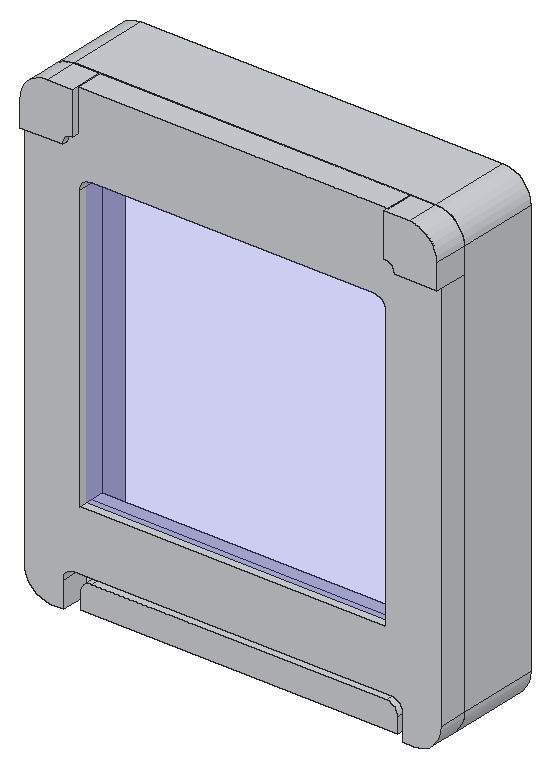
Revit family "Domotics-DomesticRanges-GEWISS-27COMBIIN_SYSTEM-IP55_WATERTIGHT_2M", category Apparecchi elettrici, Revit 2016
Family settings
  Mantenere orientamento annotazione = No
  Tipo di parte = Normale
  Quota connettore circolare = Usa diametro
  Numero OmniClass = 23.80.30.14.24
  Titolo OmniClass = Junction Boxes
  Basato su piano di lavoro = No
  Sempre verticale = Sì
  Taglio con vuoti quando caricato = No
  Condiviso = No
  Punto di calcolo locali = No
Parameters (values of type "GW27401 - System 2 gang watertight cover")
  Vetro Sportello = Vetro
  Version file RFA = "19.4"
  URL = "https://www.gewiss.com/ww/en"
  Torque screws tightening = "0,8NM"
  Thermo-pressure with ball = "70 °C"
  Technical sheet = "https://www.gewiss.com/ww/en/search?q=GW27401"
  Suitable for = "2 SYSTEM modules"
  Standard; = "EN 60669-1"
  Standard = "EN 60669-1"
  Shock resistance = "IK07"
  SEO = "Cap"
  Realized by GEWISS S.p.A. = ""
  Profondità = 20 mm
  Produttore = "GEWISS S.p.A."
  No. SYSTEM modules = "2"
  Modello = "GW27401"
  Lunghezza = 85 mm
  Lid screws = "Stainless steel"
  Larghezza = 75 mm
  Insulation class = "II"
  Installation temperature = "-25 +60 °C"
  Immagine tipo = GW27401.jpg
  IP degree = "IP55"
  IFC.TypeObject = ""
  IFC.ExportType = ""
  IFC.ExportAs = ""
  IDT = "01007444-aaaf-43a2-be93-58eade9c0c9a"
  IDF = "34a4a570-8e99-4831-a890-147d7284a0c3"
  Glow Wire Test = "650°C"
  Finitura = none
  Electrocod = "0110"
  EAN code = "8011564055605"
  Door type = "With membrane"
  Door colour: = "Transparent"
  Dimensions LxH (mm) = "75x85"
  Descrizione = "SYSTEM 2 GANG WATERTIGHT COVER"
  Colour = "Grey RAL 7035"
  Characteristics = "Halogen free"
  Catalogue Range = "27COMBI"
  Catalogue = "DOMOTICS"
  COBie.Tagnumber = ""
  COBie.CreatedOn = ""
  COBie.CreatebBy = ""
  COBie.ComponentRegisterItemID = ""
  COBie.Component.TagNumber = ""
  COBie.Component.Space = ""
  COBie.Component.SerialNumber = ""
  COBie.Component.InstallationDate = ""
  COBie.Component.Description = ""
  COBie.Component.BarCode = ""
  Altezza da terra = 850 mm
Types (2, lengths in mm): name | URL | Produttore | Modello | Descrizione
  (no name) | 0 | 0 | 0 | 0
  GW27401 - System 2 gang watertight cover | "https://www.gewiss.com/ww/en" | "GEWISS S.p.A." | "GW27401" | "SYSTEM 2 GANG WATERTIGHT COVER"
Values of the unnamed type that differ from the named types
  Version file RFA = ""
  Torque screws tightening = ""
  Thermo-pressure with ball = ""
  Technical sheet = ""
  Suitable for = ""
  Standard; = ""
  Standard = ""
  Shock resistance = ""
  SEO = ""
  No. SYSTEM modules = ""
  Lid screws = ""
  Insulation class = ""
  Installation temperature = ""
  IP degree = ""
  IDT = ""
  IDF = ""
  Glow Wire Test = ""
  Electrocod = ""
  EAN code = ""
  Door type = ""
  Door colour: = ""
  Dimensions LxH (mm) = ""
  Colour = ""
  Characteristics = ""
  Catalogue Range = ""
  Catalogue = ""
Reference planes
  plane 1 "Centro (Fronte/Retro)": y = 0
  plane 2: z = 0
  plane 3 "Centro (Sinistra/Destra)": x = 0
  plane 4: z = 850
  plane 5: x = -37.5
  plane 6: x = 37.5
  plane 7: z = 935
  plane 8: y = 20
  plane 9 "Lato Posteriore Sportello": y = 5
  plane 10: x = -27.5
  plane 11: x = 27.5
  plane 12: z = 867.5
  plane 13 "Lato Interno Vetro": y = 2.5
  plane 14: y = 1.396
  plane 15: y = -1
Forms (mm)
  Extrusion 1, solid, material <- "Finitura"
    sketch origin (0, 5, 0) x (0, 0, 1) y (1, 0, 0)
      loop
        line (935, -32.5) -> (935, 32.5)
        arc (935, 32.5) -> (933.536, 36.036) -> (930, 37.5) r 5
        line (930, 37.5) -> (855, 37.5)
        arc (855, 37.5) -> (851.464, 36.036) -> (850, 32.5) r 5
        line (850, 32.5) -> (850, -32.5)
        arc (850, -32.5) -> (851.464, -36.036) -> (855, -37.5) r 5
        line (855, -37.5) -> (930, -37.5)
        arc (930, -37.5) -> (933.536, -36.036) -> (935, -32.5) r 5
      loop
        line (855, -35.5) -> (930, -35.5)
        arc (930, -35.5) -> (932.121, -34.621) -> (933, -32.5) r 3
        line (933, -32.5) -> (933, 32.5)
        arc (933, 32.5) -> (932.121, 34.621) -> (930, 35.5) r 3
        line (930, 35.5) -> (855, 35.5)
        arc (855, 35.5) -> (852.879, 34.621) -> (852, 32.5) r 3
        line (852, 32.5) -> (852, -32.5)
        arc (852, -32.5) -> (852.879, -34.621) -> (855, -35.5) r 3
    from 0 to 15
  Extrusion 2, solid
    sketch origin (0, 5, 0) x (0, 0, 1) y (1, 0, 0)
      loop
        line (935, -27.914) -> (935, 27.914) -> (927.415, 27.914)
        arc (927.415, 27.914) -> (926.861, 29.251) -> (925.525, 29.804) r 1.89
        line (925.525, 29.804) -> (925.525, 37.5) -> (855, 37.5)
        arc (855, 37.5) -> (851.464, 36.036) -> (850, 32.5) r 5
        line (850, 32.5) -> (850, 30.496) -> (854.753, 30.496)
        arc (854.753, 30.496) -> (856.167, 29.91) -> (856.753, 28.496) r 2
        line (856.753, 28.496) -> (856.753, -28.496)
        arc (856.753, -28.496) -> (856.167, -29.91) -> (854.753, -30.496) r 2
        line (854.753, -30.496) -> (850, -30.496) -> (850, -32.5)
        arc (850, -32.5) -> (851.464, -36.036) -> (855, -37.5) r 5
        line (855, -37.5) -> (925.525, -37.5) -> (925.525, -29.804)
        arc (925.525, -29.804) -> (926.861, -29.251) -> (927.415, -27.914) r 1.89
        line (927.415, -27.914) -> (935, -27.914)
      loop
        line (920.5, -25.5) -> (920.5, 25.5)
        arc (920.5, 25.5) -> (919.914, 26.914) -> (918.5, 27.5) r 2
        line (918.5, 27.5) -> (867.5, 27.5) -> (867.5, -27.5) -> (918.5, -27.5)
        arc (918.5, -27.5) -> (919.914, -26.914) -> (920.5, -25.5) r 2
    from 0 to -5
  Extrusion 3, solid, material <- "Finitura"
    sketch origin (0, 5, 0) x (0, 0, 1) y (1, 0, 0)
      loop
        line (850, -28.496) -> (852.753, -28.496)
        arc (852.753, -28.496) -> (854.167, -27.91) -> (854.753, -26.496) r 2
        line (854.753, -26.496) -> (854.753, 26.496)
        arc (854.753, 26.496) -> (854.167, 27.91) -> (852.753, 28.496) r 2
        line (852.753, 28.496) -> (850, 28.496) -> (850, -28.496)
    from 0 to -3.604
  Extrusion 4, solid, material "Vetro" <- "Vetro Sportello"
    sketch origin (0, 2.5, 0) x (0, 0, 1) y (1, 0, 0)
      loop
        line (920.5, -25.5) -> (920.5, 25.5)
        arc (920.5, 25.5) -> (919.914, 26.914) -> (918.5, 27.5) r 2
        line (918.5, 27.5) -> (867.5, 27.5) -> (867.5, -27.5) -> (918.5, -27.5)
        arc (918.5, -27.5) -> (919.914, -26.914) -> (920.5, -25.5) r 2
    from 0 to -1.104
  Extrusion 5, solid, material <- "Finitura"
    sketch origin (0, 5, 0) x (0, 0, 1) y (1, 0, 0)
      loop
        line (935, -32.5) -> (935, -27.914) -> (927.415, -27.914)
        arc (927.415, -27.914) -> (926.861, -29.251) -> (925.525, -29.804) r 1.89
        line (925.525, -29.804) -> (925.525, -37.5) -> (930, -37.5)
        arc (930, -37.5) -> (933.536, -36.036) -> (935, -32.5) r 5
    from 0 to -6
  Extrusion 6, solid, material <- "Finitura"
    sketch origin (0, 5, 0) x (0, 0, 1) y (1, 0, 0)
      loop
        line (935, 27.914) -> (935, 32.5)
        arc (935, 32.5) -> (933.536, 36.036) -> (930, 37.5) r 5
        line (930, 37.5) -> (925.525, 37.5) -> (925.525, 29.804)
        arc (925.525, 29.804) -> (926.861, 29.251) -> (927.415, 27.914) r 1.89
        line (927.415, 27.914) -> (935, 27.914)
    from 0 to -6
Lines and regions (mm)
  model lines
    curve 1: arc (-25.5, 0, 920.5) -> (-26.914, 0, 919.914) -> (-27.5, 0, 918.5) r 2
    curve 2: arc (27.5, 0, 918.5) -> (26.914, 0, 919.914) -> (25.5, 0, 920.5) r 2
    curve 5: arc (-27.914, 0, 927.415) -> (-29.251, 0, 926.861) -> (-29.804, 0, 925.525) r 1.89
    curve 6: arc (29.804, 0, 925.525) -> (29.251, 0, 926.861) -> (27.914, 0, 927.415) r 1.89
    curve 7: line (32.5, 0, 850) -> (-32.5, 0, 850)
    curve 8: line (27.5, 0, 918.5) -> (27.5, 0, 867.5)
    curve 9: line (27.5, 0, 867.5) -> (-27.5, 0, 867.5)
    curve 10: line (-27.5, 0, 867.5) -> (-27.5, 0, 918.5)
    curve 11: line (-25.5, 0, 920.5) -> (25.5, 0, 920.5)
    curve 16: line (-37.5, 0, 925.525) -> (-29.804, 0, 925.525)
    curve 17: line (-27.914, 0, 935) -> (-27.914, 0, 927.415)
    curve 19: line (27.914, 0, 927.415) -> (27.914, 0, 935)
    curve 20: line (37.5, 0, 925.525) -> (29.804, 0, 925.525)
  model lines, detail levels medium+fine
    curve 3: circle (-32.5, 0, 930) r 2 normal (0, -1, 0)
    curve 4: circle (32.5, 0, 930) r 2 normal (0, -1, 0)
    curve 18: line (-27.914, 0, 927.415) -> (27.914, 0, 927.415)
  model lines, detail levels fine
    curve 12: line (-34.412, 0, 929.413) -> (-31.2, 0, 931.52)
    curve 13: line (-33.972, 0, 928.646) -> (-30.672, 0, 930.81)
    curve 14: line (34.412, 0, 929.413) -> (31.2, 0, 931.52)
    curve 15: line (33.972, 0, 928.646) -> (30.672, 0, 930.81)
Dimensions and locks
  "Lunghezza": plane 7 to plane 4
  equal spacing: plane 6, plane 3 "Centro (Sinistra/Destra)", plane 5
  "Larghezza": plane 6 to plane 5
  "Altezza da terra": plane 4 to level
  "Profondità": plane 1 "Centro (Fronte/Retro)" to plane 8
  locked: plane 1 "Centro (Fronte/Retro)" to plane 9 "Lato Posteriore Sportello" at 5
  locked: plane 11 to plane 6 at 10
  locked: plane 10 to plane 5 at 10
  locked: plane 12 to plane 4 at 17.5
  locked: plane 14 to plane 13 "Lato Interno Vetro" at 1.104
  plane 15 to plane 1 "Centro (Fronte/Retro)" = 1 mm
  aligned and locked: level to plane 2
  aligned and locked: plane 10 to curve 10
  aligned and locked: plane 11 to curve 8
  aligned and locked: plane 8 to Extrusion 1
  aligned and locked: plane 5 to Extrusion 2 sketch curve
  aligned and locked: plane 6 to Extrusion 2 sketch curve
  aligned and locked: Extrusion 2 sketch curve to plane 7
  aligned and locked: plane 4 to Extrusion 2 sketch curve  (x2)
  aligned and locked: plane 1 "Centro (Fronte/Retro)" to Extrusion 2
  aligned and locked: Extrusion 3 to plane 14
  aligned and locked: plane 10 to Extrusion 4 sketch curve
  aligned and locked: plane 11 to Extrusion 4 sketch curve
  aligned and locked: plane 12 to Extrusion 4 sketch curve
  aligned and locked: Extrusion 4 to plane 14
  aligned and locked: plane 10 to Extrusion 2 sketch curve
  aligned and locked: plane 12 to Extrusion 2 sketch curve
  aligned and locked: plane 11 to Extrusion 2 sketch curve
  aligned and locked: Extrusion 5 sketch curve to plane 7
  aligned and locked: Extrusion 5 to plane 15
  aligned and locked: Extrusion 6 sketch curve to plane 7
  aligned and locked: plane 6 to Extrusion 6 sketch curve
  aligned and locked: Extrusion 6 to plane 15
Automatic sketch dimensions
  curve 7 to plane 4 = 0 mm
  curve 5 to curve 5 = 1.89 mm
  curve 5 to curve 10 = 0.414 mm
  curve 1 to curve 1 = 2 mm
  plane 6 to curve 11 = 12 mm
  curve 11 to curve 19 = 2.414 mm
  curve 6 to curve 20 = 1.89 mm
  curve 11 to curve 5 = 5.025 mm
  curve 12 to curve 13 = 0.44 mm
  curve 12 to plane 7 = 3.48 mm
  curve 3 to curve 12 = 1.3 mm
  curve 13 to plane 7 = 4.19 mm
  curve 14 to plane 7 = 3.48 mm
  curve 15 to curve 14 = 0.528 mm
  curve 15 to curve 14 = 0.44 mm
  Extrusion 1 sketch curve to Extrusion 1 sketch curve = 0 mm  (x7)
  Extrusion 1 sketch curve to plane 4 = 0 mm
  plane 6 to Extrusion 1 sketch curve = 0 mm
  Extrusion 1 sketch curve to plane 5 = 0 mm
  Extrusion 1 sketch curve to plane 7 = 0 mm
  Extrusion 1 sketch curve to Extrusion 1 sketch curve = 3 mm  (x3)
  Extrusion 1 sketch curve to plane 7 = 5 mm
  plane 4 to Extrusion 2 sketch curve = 5 mm  (x2)
  Extrusion 2 sketch curve to plane 7 = 9.475 mm
  Extrusion 2 sketch curve to plane 10 = 0.414 mm
  Extrusion 2 sketch curve to Extrusion 2 sketch curve = 1.89 mm  (x2)
  Extrusion 2 sketch curve to plane 11 = 0.414 mm
  Extrusion 2 sketch curve to plane 7 = 7.585 mm
  Extrusion 2 sketch curve to plane 10 = 0.996 mm
  Extrusion 2 sketch curve to Extrusion 2 sketch curve = 0.247 mm  (x2)
  Extrusion 2 sketch curve to Extrusion 2 sketch curve = 2 mm
  Extrusion 2 sketch curve to plane 11 = 0.996 mm
  Extrusion 3 sketch curve to plane 4 = 0 mm
  Extrusion 3 sketch curve to plane 10 = 0.996 mm
  Extrusion 3 sketch curve to Extrusion 3 sketch curve = 2.753 mm  (x2)
  Extrusion 3 sketch curve to plane 11 = 0.996 mm
  plane 11 to Extrusion 3 sketch curve = 1.004 mm
  Extrusion 4 sketch curve to plane 7 = 16.5 mm  (x2)
  plane 10 to Extrusion 4 sketch curve = 2 mm
  Extrusion 2 sketch curve to Extrusion 2 sketch curve = 7.025 mm  (x2)
  plane 11 to Extrusion 2 sketch curve = 2 mm
  Extrusion 5 sketch curve to Extrusion 5 sketch curve = 5 mm
  Extrusion 5 sketch curve to plane 10 = 0.414 mm
  Extrusion 5 sketch curve to Extrusion 5 sketch curve = 2.585 mm
  Extrusion 5 sketch curve to Extrusion 5 sketch curve = 1.89 mm
  Extrusion 5 sketch curve to plane 5 = 0 mm
  Extrusion 6 sketch curve to plane 11 = 0.414 mm
  Extrusion 6 sketch curve to Extrusion 6 sketch curve = 1.89 mm
  Extrusion 6 sketch curve to Extrusion 6 sketch curve = 4.475 mm
  Extrusion 6 sketch curve to Extrusion 6 sketch curve = 4.586 mm
  curve 1 to curve 13 = 10.146 mm
  Extrusion 1 sketch curve to Extrusion 1 sketch curve = 2 mm
  plane 5 to curve 7 = 5 mm
  curve 9 to plane 12 = 0 mm
  plane 6 to curve 7 = 5 mm
  plane 6 to curve 20 = 0 mm
  curve 19 to plane 7 = 0 mm
  curve 17 to plane 7 = 0 mm
  curve 16 to plane 5 = 0 mm
  plane 5 to curve 3 = 5 mm
  curve 2 to curve 15 = 10.146 mm
  curve 3 to curve 12 = 1.52 mm
  plane 6 to curve 4 = 5 mm
  curve 2 to curve 14 = 13.02 mm
  curve 15 to curve 4 = 1.354 mm
  curve 15 to curve 4 = 1.828 mm
